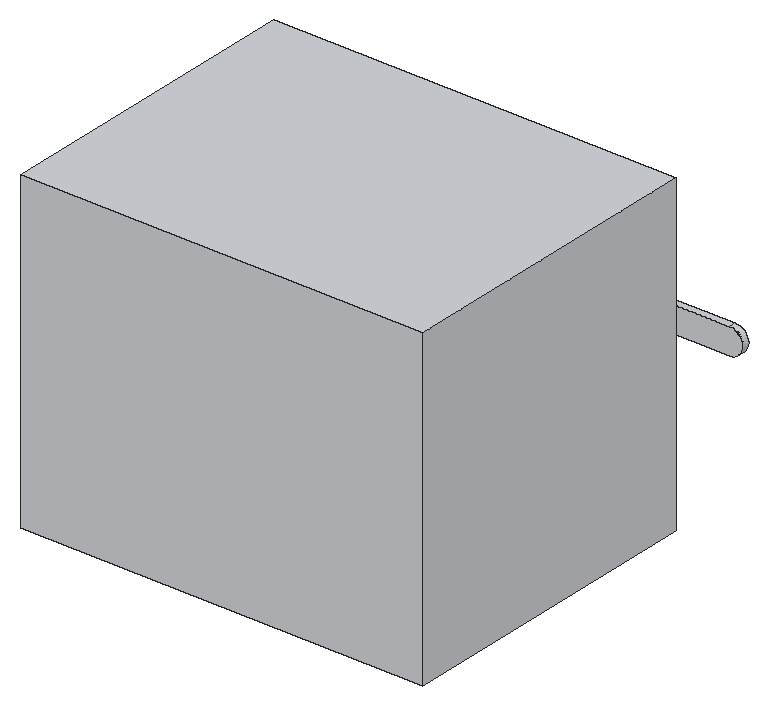
Revit family "Fire Volume Damper - Rectangular Accessory", category Duct Accessories, Revit 2025
Family settings
  Round Connector Dimension = Use Diameter
  Part Type = Damper
  OmniClass Number = 23.75.70.11.14.14
  OmniClass Title = Dampers for Air Ductwork
  Work Plane-Based = No
  Always vertical = Yes
  Cut with Voids When Loaded = No
  Shared = No
Parameters (values of type "Standard")
  Width [instance] = 12"
  Pressure Drop [instance] = 1.00 in-wg
  Height [instance] = 12"
  Default Elevation = 0"
Reference planes (in)
  plane 1 "Center (Front/Back)": y = 0
  plane 2: z = 0
  plane 3 "Center (Left/Right)": x = 0
  plane 4: x = -7.25
  plane 5: x = 8
  plane 6 "back": y = -6
  plane 7 "front": y = 6
Forms (in)
  Extrusion 1, solid
    sketch origin (0, 0, 0) x (0, 1, 0) y (0, 0, 1)
      loop
        line (-6, 6) -> (-6, -6) -> (6, -6) -> (6, 6) -> (-6, 6)
    from -7.25 to 8
  Sweep 2, solid
    path origin (0, 0, 0) x (1, 0, 0) y (0, 1, 0)
      loop
        line (4.25, 7.61894) -> (4.25, 4.11894)
    profile origin (4.25, 5.86894, 0) x (1, 0, 0) y (0, 0, 1)
      loop
        circle (0, 0) r 0.25
  Sweep 3, solid
    path origin (0, 0, 0) x (1, 0, 0) y (0, 1, 0)
      loop
        line (4.25, 7.61894) -> (4.25, 7.86894)
    profile origin (4.25, 7.74394, 0) x (-1, 0, 0) y (0, 0, 1)
      loop
        line (0, 0.5) -> (-4.51971, 0.5)
        arc (-4.51971, 0.5) -> (-5.01971, 0) -> (-4.51971, -0.5) r 0.5
        line (-4.51971, -0.5) -> (0, -0.5)
        arc (0, -0.5) -> (0.5, 0) -> (0, 0.5) r 0.5
Cuts and joins
  joined: Extrusion 1, Sweep 2
Lines and regions (in)
  symbolic lines
    curve 1: line (0, 6, 0) -> (0, -6, 0)
    curve 2: line (-7.25, 6, 0) -> (0, 0, 0)
    curve 3: line (-7.25, -6, 0) -> (0, 0, 0)
    curve 4: line (-7.25, 6, 0) -> (0, 3.5, 0)
    curve 5: line (-7.25, -6, 0) -> (0, -3.5, 0)
    curve 6: line (4.25, 6, 0) -> (4.25, -6, 0)
Dimensions and locks (in)
  equal spacing: Extrusion 1 sketch curve, plane 1 "Center (Front/Back)", Extrusion 1 sketch curve
  equal spacing: Extrusion 1 sketch curve, plane 2, Extrusion 1 sketch curve
  "Height": Extrusion 1 sketch curve to Extrusion 1 sketch curve
  "Width": Extrusion 1 sketch curve to Extrusion 1 sketch curve
  plane 4 to plane 5 = 15 1/4"
  plane 4 to plane 3 "Center (Left/Right)" = 7 1/4"
  plane 3 "Center (Left/Right)" to plane 5 = 8"
  equal spacing: plane 7 "front", plane 1 "Center (Front/Back)", plane 6 "back"
  "Width": plane 6 "back" to plane 7 "front"
  aligned and locked: Extrusion 1 to plane 4
  aligned and locked: Extrusion 1 to plane 5
  aligned and locked: plane 7 "front" to curve 1
  aligned and locked: plane 6 "back" to curve 1
  aligned and locked: curve 1 to plane 3 "Center (Left/Right)"
  aligned and locked: Sweep 2 sketch curve to curve 6
Automatic sketch dimensions
  curve 4 to plane 4 = 0"
  curve 3 to plane 4 = 0"
  curve 6 to plane 6 "back" = 0"
  plane 7 "front" to curve 6 = 0"
  curve 5 to plane 6 "back" = 0"
  plane 1 "Center (Front/Back)" to curve 3 = 0"
  plane 7 "front" to curve 2 = 0"
  plane 5 to curve 6 = 3 3/4"
  curve 1 to curve 5 = 2 1/2"
  curve 4 to curve 1 = 2 1/2"
  plane 7 "front" to Sweep 2 sketch curve = 1.88106"
  Sweep 2 sketch curve to plane 7 "front" = 1.61894"
  Sweep 2 sketch curve to level = 0"
  profile plane to Sweep 2 sketch curve = 0"
  Sweep 3 sketch curve to plane 7 "front" = 1.86894"
  plane 5 to Sweep 3 sketch curve = 3 3/4"
  Sweep 3 sketch curve to Sweep 3 sketch curve = 1/4"
  level to Sweep 3 sketch curve = 1/2"
  profile plane to Sweep 3 sketch curve = 4.51971"
  profile plane to Sweep 3 sketch curve = 0"
  level to Sweep 3 sketch curve = 0"
  radius of Sweep 2 sketch curve = 1/4"
Connectors (in)
  hvac at (-7.25, 0, 0), driven by "Pressure Drop", driven by "Height", driven by "Width"
    settings: on Extrusion 1, index 1, duct flow 0 CFM, flow factor 0, pres drop 1.00 in-wg, loss coef 0, conn angle 0.00°, conn width 12", conn height 12", conn diameter 24", duct sys type 29, conn prof type 1, flow config 0, flow direction 0, loss method 4, conn ref index 2, conn util no, is conn primary yes, conn desc "inlet"
  hvac at (8, 0, 0), driven by "Height", driven by "Width"
    settings: on Extrusion 1, index 2, duct flow 0 CFM, flow factor 0, pres drop 0.00 in-wg, loss coef 0, conn angle 0.00°, conn width 12", conn height 12", conn diameter 24", duct sys type 29, conn prof type 1, flow config 0, flow direction 0, loss method 4, conn ref index 1, conn util no, is conn primary no, conn desc "outlet"
